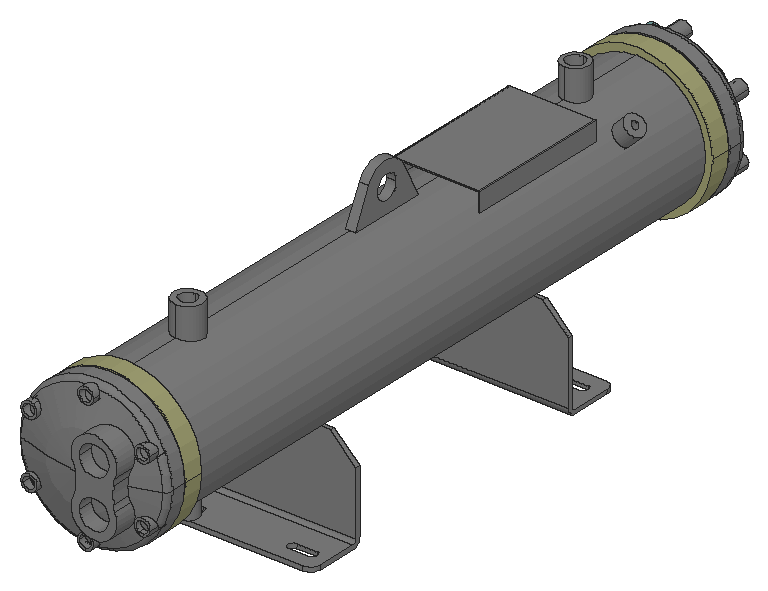
Revit family "MIT-BCM_35_4P", category Specialty Equipment, Revit 2022
Family settings
  Round Connector Dimension = Use Radius
  Part Type = Normal
  Work Plane-Based = No
  Always vertical = Yes
  Cut with Voids When Loaded = No
  Maintain Annotation Orientation = No
  Shared = No
  Room Calculation Point = No
Parameters
  URL = "https://en.ekinendustriyel.com/evaporators-and-condensers"
  Test Pressure = 64.35 bar
  Production Standard = "TS EN 13831"
  Operating Pressure = 45.0 bar
  Model = "MIT-BCM 35_4P"
  Manufacturer = "Ekin Endüstriyel"
  Keynote = "Condensers"
  Description = "MIT- Condensers"
  Default Elevation = 0 mm
Reference planes
  plane 1 "Center (Front/Back)": y = 0
  plane 2: z = 0
  plane 3 "Center (Left/Right)": x = 0
Forms (mm)
  Extrusion 1, solid, material "Ekin Endustriyel-S235JR"
    sketch origin (0, 0, 0) x (1, 0, 0) y (0, 0, 1)
      loop
        circle (0, 149.85) r 69.85
    from -330 to 330
  Extrusion 2, solid, material "Ekin Endustriyel-AISI316L", detail levels medium+fine
    sketch origin (0, 0, 0) x (1, 0, 0) y (0, 0, 1)
      loop
        circle (0, 149.85) r 77.5
    from 330 to 350
  Sweep 3, solid, material "Ekin Endustriyel-S235JR", detail levels medium+fine
    path in 3D
      loop
        arc (77.5, -350, 149.85) -> (0, -350, 72.35) -> (-77.5, -350, 149.85) r 77.5
        arc (-77.5, -350, 149.85) -> (0, -350, 227.35) -> (77.5, -350, 149.85) r 77.5
    profile origin (0, -350, 227.35) x (0, 0, 1) y (0, -1, 0)
      loop
        line (0, 2) -> (0, 17.156)
        arc (0, 17.156) -> (-1.136, 21.036) -> (-4.187, 23.69) r 7.192
        arc (-4.187, 23.69) -> (-39.787, 35.801) -> (-77.114, 40.359) r 182.498
        line (-77.114, 40.359) -> (-77.114, 2) -> (0, 2)
  Extrusion 4, solid, material "Ekin Endustriyel-S235JR", detail levels fine
    sketch origin (0, 0, 0) x (1, 0, 0) y (0, 0, 1)
      loop
        circle (25.011, 174.878) r 15.5
      loop
        circle (25.011, 124.878) r 15.5
      loop
        arc (46.408, 165.162) -> (25.011, 198.378) -> (3.614, 165.162) r 23.5
        arc (3.614, 165.162) -> (4.758, 162.032) -> (5.416, 158.766) r 22
        arc (5.416, 158.766) -> (5.963, 149.878) -> (5.416, 140.99) r 72.414
        arc (5.416, 140.99) -> (4.758, 137.724) -> (3.614, 134.594) r 22
        arc (3.614, 134.594) -> (25.011, 101.378) -> (46.408, 134.594) r 23.5
        arc (46.408, 134.594) -> (45.264, 137.724) -> (44.606, 140.99) r 22
        arc (44.606, 140.99) -> (44.059, 149.878) -> (44.606, 158.766) r 72.414
        arc (44.606, 158.766) -> (45.264, 162.032) -> (46.408, 165.162) r 22
    from 371.512 to 402.178
  Extrusion 5, solid, material "Ekin Endustriyel-S235JR", detail levels fine
    sketch origin (0, 0, 0) x (1, 0, 0) y (0, 0, 1)
      loop
        arc (64.65, 184.28) -> (61.135, 189.225) -> (55.08, 188.836) r 6.23
        arc (55.08, 188.836) -> (55.779, 177.975) -> (64.65, 184.28) r 6.23
      loop
        arc (53.996, 190.516) -> (54.919, 176.169) -> (66.638, 184.498) r 8.23
        arc (66.638, 184.498) -> (61.994, 191.031) -> (53.996, 190.516) r 8.23
      loop
        arc (-64.65, 115.42) -> (-61.135, 110.475) -> (-55.08, 110.864) r 6.23
        arc (-55.08, 110.864) -> (-55.779, 121.725) -> (-64.65, 115.42) r 6.23
      loop
        arc (-53.996, 109.184) -> (-54.919, 123.531) -> (-66.638, 115.202) r 8.23
        arc (-66.638, 115.202) -> (-61.994, 108.669) -> (-53.996, 109.184) r 8.23
      loop
        arc (-2.508, 223.053) -> (-3.532, 212.218) -> (6.222, 217.044) r 6.23
        arc (6.222, 217.044) -> (3.532, 222.482) -> (-2.508, 223.053) r 6.23
      loop
        arc (8.22, 216.945) -> (4.666, 224.129) -> (-3.313, 224.884) r 8.23
        arc (-3.313, 224.884) -> (-4.666, 210.571) -> (8.22, 216.945) r 8.23
      loop
        arc (2.508, 76.647) -> (3.532, 87.482) -> (-6.222, 82.656) r 6.23
        arc (-6.222, 82.656) -> (-3.532, 77.218) -> (2.508, 76.647) r 6.23
      loop
        arc (-8.22, 82.755) -> (-4.666, 75.571) -> (3.313, 74.816) r 8.23
        arc (3.313, 74.816) -> (4.666, 89.129) -> (-8.22, 82.755) r 8.23
      loop
        arc (-64.65, 184.28) -> (-55.779, 177.975) -> (-55.08, 188.836) r 6.23
        arc (-55.08, 188.836) -> (-61.135, 189.225) -> (-64.65, 184.28) r 6.23
      loop
        arc (-53.996, 190.516) -> (-61.994, 191.031) -> (-66.638, 184.498) r 8.23
        arc (-66.638, 184.498) -> (-54.919, 176.169) -> (-53.996, 190.516) r 8.23
      loop
        arc (64.65, 115.42) -> (55.779, 121.725) -> (55.08, 110.864) r 6.23
        arc (55.08, 110.864) -> (61.135, 110.475) -> (64.65, 115.42) r 6.23
      loop
        arc (53.996, 109.184) -> (61.994, 108.669) -> (66.638, 115.202) r 8.23
        arc (66.638, 115.202) -> (54.919, 123.531) -> (53.996, 109.184) r 8.23
    from 359.194 to 382
  Sweep 6, solid, material "Ekin Endustriyel-S235JR", detail levels medium+fine
    path in 3D
      loop
        arc (77.5, 350, 149.85) -> (0, 350, 72.35) -> (-77.5, 350, 149.85) r 77.5
        arc (-77.5, 350, 149.85) -> (0, 350, 227.35) -> (77.5, 350, 149.85) r 77.5
    profile origin (0, 350, 227.35) x (0, 0, -1) y (0, 1, 0)
      loop
        line (0, 2) -> (77.114, 2) -> (77.114, 40.359)
        arc (77.114, 40.359) -> (39.787, 35.801) -> (4.187, 23.69) r 182.498
        arc (4.187, 23.69) -> (1.136, 21.036) -> (0, 17.156) r 7.192
        line (0, 17.156) -> (0, 2)
  Extrusion 7, solid, material "Ekin Endustriyel-Zinc", detail levels fine
    sketch origin (0, 0, 0) x (1, 0, 0) y (0, 0, -1)
      loop
        circle (-30, -201.812) r 11
    from 359.194 to 390
  Extrusion 8, solid, material "Ekin Endustriyel-S235JR", detail levels fine
    sketch origin (0, 0, 0) x (1, 0, 0) y (0, 0, 1)
      loop
        line (-43.995, 204.104) -> (-43.995, 223.089) -> (43.995, 223.089) -> (43.995, 204.104) -> (44.978, 204.104) -> (44.978, 223.089)
        arc (44.978, 223.089) -> (44.685, 223.796) -> (43.978, 224.089) r 1
        line (43.978, 224.089) -> (-43.978, 224.089)
        arc (-43.978, 224.089) -> (-44.685, 223.796) -> (-44.978, 223.089) r 1
        line (-44.978, 223.089) -> (-44.978, 204.104) -> (-43.995, 204.104)
    from -220 to -70
  Extrusion 9, solid, material "Ekin Endustriyel-S235JR", detail levels fine
    sketch origin (0, 0, 0) x (0, 1, 0) y (0, 0, 1)
      loop
        arc (22.472, 255.476) -> (0, 269.521) -> (-22.472, 255.476) r 25
        line (-22.472, 255.476) -> (-40, 219.521) -> (40, 219.521) -> (22.472, 255.476)
      loop
        circle (0, 244.521) r 12.5
    from 5 to -5
  Extrusion 10, solid, material "Ekin Endustriyel-S235JR", detail levels fine
    sketch origin (0, 0, 0) x (1, 0, 0) y (0, 1, 0)
      loop
        circle (0, 250) r 13.75
      loop
        circle (0, 250) r 9.5
    from 207.811 to 250
  Extrusion 11, solid, material "Ekin Endustriyel-S235JR", detail levels fine
    sketch origin (0, -500, 0) x (1, 0, 0) y (0, 1, 0)
      loop
        circle (0, 250) r 15.25
      loop
        circle (0, 250) r 8.928
    from 207.811 to 250
  Extrusion 12, solid, material "Ekin Endustriyel-S235JR", detail levels fine
    sketch origin (0, -500, 0) x (1, 0, 0) y (0, 1, 0)
      loop
        circle (0, 250) r 10.75
      loop
        circle (0, 250) r 8.25
    from 50 to 99.961
  Extrusion 13, solid, material "Ekin Endustriyel-S235JR", detail levels medium+fine
    sketch origin (0, 0, 0) x (0, 1, 0) y (0, 0, 1)
      loop
        line (195, 4) -> (143, 4)
        arc (143, 4) -> (140.172, 5.172) -> (139, 8) r 4
        line (139, 8) -> (139, 100) -> (135, 100) -> (135, 8)
        arc (135, 8) -> (137.343, 2.343) -> (143, 0) r 8
        line (143, 0) -> (195, 0) -> (195, 4)
      loop
        line (-195, 4) -> (-195, 0) -> (-143, 0)
        arc (-143, 0) -> (-137.343, 2.343) -> (-135, 8) r 8
        line (-135, 8) -> (-135, 100) -> (-139, 100) -> (-139, 8)
        arc (-139, 8) -> (-140.172, 5.172) -> (-143, 4) r 4
        line (-143, 4) -> (-195, 4)
    from -85 to 85
  Extrusion 14, void
    sketch origin (0, 0, 0) x (1, 0, 0) y (0, 0, 1)
      loop
        line (-58.929, 100) -> (-48.929, 100)
        arc (-48.929, 100) -> (0, 80) -> (48.929, 100) r 69.85
        line (48.929, 100) -> (58.929, 100) -> (85, 73.929) -> (85, 115.135) -> (-85, 115.135) -> (-85, 73.929) -> (-58.929, 100)
    from -139 to 139
  Extrusion 15, void
    sketch origin (0, 0, 0) x (1, 0, 0) y (0, 1, 0)
      loop
        line (-48.5, 180.25) -> (-68.5, 180.25)
        arc (-68.5, 180.25) -> (-73.75, 175) -> (-68.5, 169.75) r 5.25
        line (-68.5, 169.75) -> (-48.5, 169.75)
        arc (-48.5, 169.75) -> (-43.25, 175) -> (-48.5, 180.25) r 5.25
      loop
        line (-75, 195) -> (75, 195)
        arc (75, 195) -> (82.071, 192.071) -> (85, 185) r 10
        line (85, 185) -> (97.624, 185) -> (97.624, 220) -> (-105, 220) -> (-105, 185) -> (-85, 185)
        arc (-85, 185) -> (-82.071, 192.071) -> (-75, 195) r 10
      loop
        line (68.5, 180.25) -> (48.5, 180.25)
        arc (48.5, 180.25) -> (43.25, 175) -> (48.5, 169.75) r 5.25
        line (48.5, 169.75) -> (68.5, 169.75)
        arc (68.5, 169.75) -> (73.75, 175) -> (68.5, 180.25) r 5.25
      loop
        arc (-48.5, -180.25) -> (-43.25, -175) -> (-48.5, -169.75) r 5.25
        line (-48.5, -169.75) -> (-68.5, -169.75)
        arc (-68.5, -169.75) -> (-73.75, -175) -> (-68.5, -180.25) r 5.25
        line (-68.5, -180.25) -> (-48.5, -180.25)
      loop
        arc (-75, -195) -> (-82.071, -192.071) -> (-85, -185) r 10
        line (-85, -185) -> (-105, -185) -> (-105, -220) -> (97.624, -220) -> (97.624, -185) -> (85, -185)
        arc (85, -185) -> (82.071, -192.071) -> (75, -195) r 10
        line (75, -195) -> (-75, -195)
      loop
        arc (68.5, -180.25) -> (73.75, -175) -> (68.5, -169.75) r 5.25
        line (68.5, -169.75) -> (48.5, -169.75)
        arc (48.5, -169.75) -> (43.25, -175) -> (48.5, -180.25) r 5.25
        line (48.5, -180.25) -> (68.5, -180.25)
    from 0 to 4
  Extrusion 16, solid, material "Ekin Endustriyel-S235JR", detail levels fine
    sketch origin (61.503, 250, 211.353) x (0, 1, 0) y (-0.707107, 0, 0.707107)
      loop
        circle (0, 0) r 11
      loop
        circle (0, 0) r 4.216
    from 0 to -34.178
  Extrusion 17, solid, material "Ekin Endustriyel-AISI316L", detail levels medium+fine
    sketch origin (0, 0, 0) x (1, 0, 0) y (0, 0, -1)
      loop
        circle (0, -149.85) r 77.5
    from 330 to 350
  Extrusion 18, solid, material "Ekin Endustriyel-S235JR", detail levels coarse
    sketch origin (0, 0, 0) x (1, 0, 0) y (0, 0, 1)
      loop
        circle (0, 149.85) r 77.5
    from -390 to 390
  Extrusion 19, solid, material "Ekin Endustriyel-S235JR", detail levels coarse
    sketch origin (0, 0, 0) x (0, 1, 0) y (0, 0, 1)
      loop
        line (-135, 0) -> (-135, 100) -> (-139, 100) -> (-139, 4) -> (-195, 4) -> (-195, 0) -> (-135, 0)
      loop
        line (135, 0) -> (195, 0) -> (195, 4) -> (139, 4) -> (139, 100) -> (135, 100) -> (135, 0)
    from -85 to 85
  Extrusion 20, solid, material "Ekin Endustriyel-S235JR", detail levels fine
    sketch origin (0, 0, 0) x (1, 0, 0) y (0, 0, -1)
      loop
        arc (64.65, -184.28) -> (55.779, -177.975) -> (55.08, -188.836) r 6.23
        arc (55.08, -188.836) -> (61.135, -189.225) -> (64.65, -184.28) r 6.23
      loop
        arc (53.996, -190.516) -> (61.994, -191.031) -> (66.638, -184.498) r 8.23
        arc (66.638, -184.498) -> (54.919, -176.169) -> (53.996, -190.516) r 8.23
      loop
        arc (-64.65, -115.42) -> (-55.779, -121.725) -> (-55.08, -110.864) r 6.23
        arc (-55.08, -110.864) -> (-61.135, -110.475) -> (-64.65, -115.42) r 6.23
      loop
        arc (-53.996, -109.184) -> (-61.994, -108.669) -> (-66.638, -115.202) r 8.23
        arc (-66.638, -115.202) -> (-54.919, -123.531) -> (-53.996, -109.184) r 8.23
      loop
        arc (-2.508, -223.053) -> (3.532, -222.482) -> (6.222, -217.044) r 6.23
        arc (6.222, -217.044) -> (-3.532, -212.218) -> (-2.508, -223.053) r 6.23
      loop
        arc (8.22, -216.945) -> (-4.666, -210.571) -> (-3.313, -224.884) r 8.23
        arc (-3.313, -224.884) -> (4.666, -224.129) -> (8.22, -216.945) r 8.23
      loop
        arc (2.508, -76.647) -> (-3.532, -77.218) -> (-6.222, -82.656) r 6.23
        arc (-6.222, -82.656) -> (3.532, -87.482) -> (2.508, -76.647) r 6.23
      loop
        arc (-8.22, -82.755) -> (4.666, -89.129) -> (3.313, -74.816) r 8.23
        arc (3.313, -74.816) -> (-4.666, -75.571) -> (-8.22, -82.755) r 8.23
      loop
        arc (-64.65, -184.28) -> (-61.135, -189.225) -> (-55.08, -188.836) r 6.23
        arc (-55.08, -188.836) -> (-55.779, -177.975) -> (-64.65, -184.28) r 6.23
      loop
        arc (-53.996, -190.516) -> (-54.919, -176.169) -> (-66.638, -184.498) r 8.23
        arc (-66.638, -184.498) -> (-61.994, -191.031) -> (-53.996, -190.516) r 8.23
      loop
        arc (64.65, -115.42) -> (61.135, -110.475) -> (55.08, -110.864) r 6.23
        arc (55.08, -110.864) -> (55.779, -121.725) -> (64.65, -115.42) r 6.23
      loop
        arc (53.996, -109.184) -> (54.919, -123.531) -> (66.638, -115.202) r 8.23
        arc (66.638, -115.202) -> (61.994, -108.669) -> (53.996, -109.184) r 8.23
      loop
        circle (25, -174.85) r 22.5
      loop
        circle (-25, -124.85) r 22.5
      loop
        circle (30, -97.888) r 11
    from 359.194 to 390
Cuts and joins
  Extrusion 14, Extrusion 15 cuts Extrusion 13
  joined: Extrusion 18, Extrusion 19
Lines and regions (mm)
  sketch lines
    curve 1: arc (-77.5, -350, 149.85) -> (0, -350, 227.35) -> (77.5, -350, 149.85) r 77.5
    curve 2: arc (77.5, -350, 149.85) -> (0, -350, 72.35) -> (-77.5, -350, 149.85) r 77.5
    curve 3: arc (-77.5, 350, 149.85) -> (0, 350, 227.35) -> (77.5, 350, 149.85) r 77.5
    curve 4: arc (77.5, 350, 149.85) -> (0, 350, 72.35) -> (-77.5, 350, 149.85) r 77.5
Dimensions and locks
  aligned and locked: level to plane 2
Connectors
  piping at (25.011, -402.178, 174.878), diameter 25.4
    settings: on Extrusion 4, index 1, connector inside diameter 609.6 mm, connector length 0 mm, flow factor 0, pipe flow 0.0 L/s, pressure drop 0.0 Pa, fitting loss kfactor 0, connector angle 0.00°, fixture units 0, engagement length 0 mm, angle of deflection 0.00°, flow configuration 0, flow direction 1, fitting loss method 0, system type 7, joint type 0, gender type 0, connector reference index -1, connector utility 0, adjustable connector no, is connector primary yes, connector description ""
  piping at (25.011, -402.178, 124.878), diameter 25.4
    settings: on Extrusion 4, index 2, connector inside diameter 609.6 mm, connector length 0 mm, flow factor 0, pipe flow 0.0 L/s, pressure drop 0.0 Pa, fitting loss kfactor 0, connector angle 0.00°, fixture units 0, engagement length 0 mm, angle of deflection 0.00°, flow configuration 0, flow direction 2, fitting loss method 0, system type 7, joint type 0, gender type 0, connector reference index -1, connector utility 0, adjustable connector no, is connector primary no, connector description ""
  hvac at (0, 250, 250)
    settings: on Extrusion 10, index 3, duct flow 0.0 L/s, flow factor 0, pres drop 0.0 bar, loss coef 0, conn angle 0.00°, conn width 304.8 mm, conn height 304.8 mm, conn diameter 22 mm, duct sys type 3, conn prof type 0, flow config 0, flow direction 1, loss method 0, conn ref index -1, conn util no, is conn primary yes, conn desc ""
  hvac at (0, -250, 50)
    settings: on Extrusion 12, index 4, duct flow 0.0 L/s, flow factor 0, pres drop 0.0 bar, loss coef 0, conn angle 0.00°, conn width 304.8 mm, conn height 304.8 mm, conn diameter 16 mm, duct sys type 3, conn prof type 0, flow config 0, flow direction 2, loss method 0, conn ref index -1, conn util no, is conn primary no, conn desc ""
